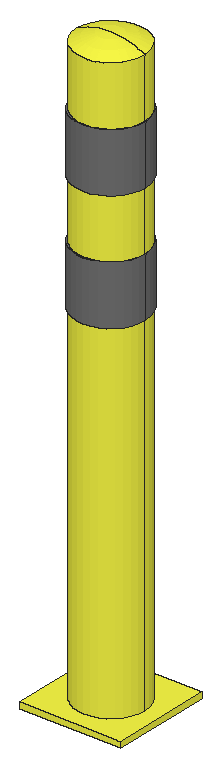
Revit family "LOADING SYSTEMS Safety bollards", category Generic Models, Revit 2016
Family settings
  Part Type = Normal
  Can host rebar = No
  Round Connector Dimension = Use Diameter
  Work Plane-Based = No
  Always vertical = Yes
  Cut with Voids When Loaded = Yes
  Shared = No
  Room Calculation Point = No
Parameters (values of type "961-051 Model 1")
  Weight = 10.00 kg
  UniFormat II Description = "Vehicular Equipment"  # constant formula
  UniFormat II = "E1030"  # constant formula
  UniClass 2.0 Description = "Stainless Steel Bollards"  # constant formula
  UniClass 2.0 = "Pr_20_76_08_82"  # constant formula
  UniClass 1.4 Description = "Bollards"  # constant formula
  UniClass 1.4 = "L8111"  # constant formula
  UNSPSC Description = "Fixed traffic bollard"  # constant formula
  UNSPSC = "46161533"  # constant formula
  Top = 15 mm
  NBS Reference Description = "Stainless steel bollards"  # constant formula
  NBS Reference = "45-25-15/313"  # constant formula
  MasterFormat 2014 Description = "Manufactured Metal Bollards"  # constant formula
  MasterFormat 2014 = "32 39 13"  # constant formula
  Length = 170 mm
  Keynote = "32 39 13"  # constant formula
  IFC Category = "Ramp"  # constant formula
  Height = 1000 mm  # constant formula
  Diameter = 114 mm
  Depth = Length  # 170 mm
  Copyright = "©2018 BIM Project s.r.o."  # constant formula
  COBIe Category = ""
  URL = "http://www.loading-systems.com/"
  Type Comments = "The new robust Loading Systems safety bollards provide optimal protection around your loading and unloading area."  # constant formula
  BIM Project Category = "Loading Equipment"  # constant formula
  Model = "960-051"
  Manufacturer = "LOADING SYSTEMS"  # constant formula
  Description = "Safety bollards"
  Assembly Code = "E1030300"
Types (4, lengths in mm): name | Weight | Top | Length | Diameter | Depth | Model
  (no name) | 10.00 kg | 15 | 170 | 114 | 170 | "960-051"
  961-061 Model 2 | 16.50 kg | 25 | 220 | 168 | 220 | "960-061"
  961-051 Model 1 | 10.00 kg | 15 | 170 | 114 | 170 | "960-051"
  961-071 Model 3 | 46.00 kg | 40 | 320 | 273 | 320 | "960-071"
Reference planes
  plane 1 "Střed (vpředu/vzadu)": y = 0
  plane 2: z = 0
  plane 3 "Střed (vlevo/vpravo)": x = -70.094
  plane 4: z = 600
  plane 5: x = -155.094
  plane 6: y = 85
  plane 7: x = 14.906
  plane 8: y = -85
  plane 9: z = 700
  plane 10: z = 800
  plane 11: z = 900
  plane 12: z = 1000
  plane 13: z = 1015
  plane 14: x = -127.094
  plane 15: x = -13.094
Forms (mm)
  Extrusion 1, solid, material "Paint - Yellow", detail levels medium+fine
    sketch origin (0, 0, 0) x (1, 0, 0) y (0, 1, 0)
      loop
        line (-155.094, 85) -> (-155.094, -85) -> (14.906, -85) -> (14.906, 85) -> (-155.094, 85)
    from 0 to 10
  Revolve 2, solid, material "Paint - Yellow", detail levels medium+fine
    sketch origin (0, 0, 0) x (1, 0, 0) y (0, 0, 1)
      loop
        line (-127.094, 10) -> (-70.094, 10) -> (-70.094, 600) -> (-127.094, 600) -> (-127.094, 10)
      loop
        line (-127.094, 800) -> (-127.094, 700) -> (-70.094, 700) -> (-70.094, 800) -> (-127.094, 800)
      loop
        line (-127.094, 900) -> (-70.094, 900) -> (-70.094, 1015)
        arc (-70.094, 1015) -> (-99.506, 1010.965) -> (-127.094, 1000) r 122.985
        line (-127.094, 1000) -> (-127.094, 900)
      axis (-70.094, 10) -> (-70.094, 1015)
    angle from 0 to 360
  Revolve 3, solid, material "Plastic - Loading Systems - Rubber - Black", detail levels medium+fine
    sketch origin (0, 0, 0) x (1, 0, 0) y (0, 0, 1)
      loop
        line (-70.094, 800) -> (-70.094, 900) -> (-129.094, 900) -> (-129.094, 800) -> (-70.094, 800)
      loop
        line (-70.094, 600) -> (-70.094, 700) -> (-129.094, 700) -> (-129.094, 600) -> (-70.094, 600)
      axis (-70.094, 600) -> (-70.094, 900)
    angle from 0 to 360
  Extrusion 4, solid, material "Paint - Yellow", detail levels coarse
    sketch origin (0, 0, 0) x (1, 0, 0) y (0, 1, 0)
      loop
        line (-155.094, 85) -> (-155.094, -85) -> (14.906, -85) -> (14.906, 85) -> (-155.094, 85)
    from 0 to 1015
Dimensions and locks
  equal spacing: plane 5, plane 3 "Střed (vlevo/vpravo)", plane 7
  equal spacing: plane 6, plane 1 "Střed (vpředu/vzadu)", plane 8
  "Length": plane 5 to plane 7
  "Depth": plane 6 to plane 8
  equal spacing: plane 15, plane 3 "Střed (vlevo/vpravo)", plane 14
  "Diameter": plane 15 to plane 14
  "Top": plane 13 to plane 12
  locked: plane 14 to Revolve 3 sketch curve at 2
  aligned and locked: level to plane 2
  aligned and locked: Extrusion 1 sketch curve to plane 6
  aligned and locked: plane 5 to Extrusion 1 sketch curve
  aligned and locked: plane 8 to Extrusion 1 sketch curve
  aligned and locked: Extrusion 1 sketch curve to plane 7
  aligned and locked: plane 14 to Revolve 2 sketch curve
  aligned and locked: Revolve 2 sketch curve to plane 4
  aligned and locked: Revolve 2 sketch curve to plane 3 "Střed (vlevo/vpravo)"
  aligned and locked: Revolve 2 sketch curve to plane 14  (x2)
  aligned and locked: Revolve 2 sketch curve to plane 9
  aligned and locked: plane 3 "Střed (vlevo/vpravo)" to Revolve 2 sketch curve  (x2)
  aligned and locked: Revolve 2 sketch curve to plane 11
  aligned and locked: Revolve 3 sketch curve to Revolve 2
  aligned and locked: Revolve 3 sketch curve to plane 3 "Střed (vlevo/vpravo)"  (x2)
  aligned and locked: Revolve 3 sketch curve to plane 11
  aligned and locked: plane 4 to Revolve 3 sketch curve
  aligned and locked: Revolve 3 sketch curve to plane 9
  aligned and locked: Revolve 3 sketch curve to Revolve 3 sketch curve
  aligned and locked: plane 13 to Extrusion 4
Automatic sketch dimensions
  Revolve 2 sketch curve to plane 3 "Střed (vlevo/vpravo)" = 0 mm
  Revolve 2 sketch curve to plane 10 = 0 mm
  Revolve 2 sketch curve to plane 12 = 0 mm
  Revolve 2 sketch curve to plane 13 = 0 mm
  plane 3 "Střed (vlevo/vpravo)" to Revolve 2 sketch curve = 1.887 mm
  level to Revolve 2 sketch curve = 10 mm
  plane 13 to Revolve 2 sketch curve = 45 mm
  Revolve 2 sketch curve to Revolve 2 sketch curve = 40 mm
  Revolve 3 sketch curve to plane 3 "Střed (vlevo/vpravo)" = 0 mm
  plane 13 to Revolve 3 sketch curve = 195 mm
  Revolve 3 sketch curve to Revolve 3 sketch curve = 45 mm
  Extrusion 4 sketch curve to plane 5 = 0 mm
  Extrusion 4 sketch curve to plane 7 = 0 mm
  Extrusion 4 sketch curve to plane 8 = 0 mm
  Extrusion 4 sketch curve to plane 6 = 0 mm
